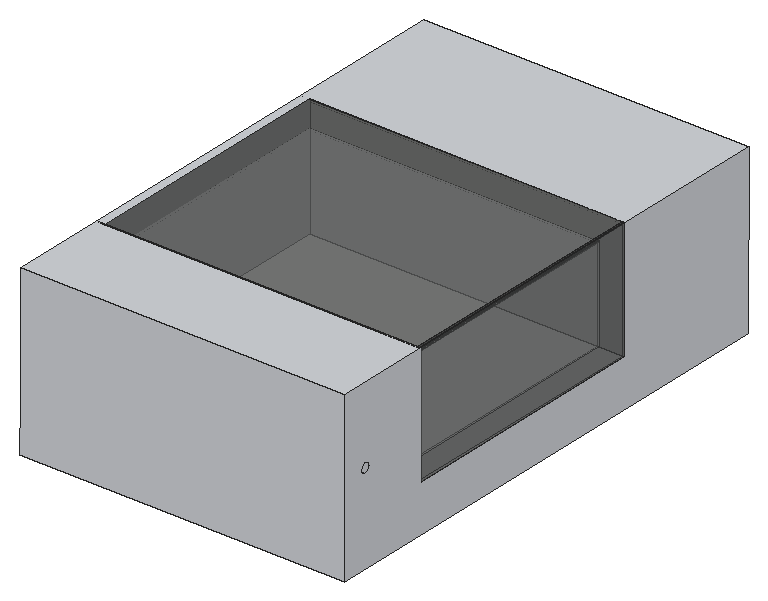
Revit family "Fireplace_Gas_DaVinci_Linear-CornerR", category Mechanical Equipment, host Face, Revit 2026
Family settings
  Host = Face
  Round Connector Dimension = Use Diameter
  Part Type = Normal
  Classification Number = 23.40.20.34.14
  Cut with Voids When Loaded = Yes
  Maintain Annotation Orientation = No
  Shared = No
  Room Calculation Point = No
Parameters
  Warranty Duration (Years) = 0
  Unit Length = 3' - 2"
  Unit Height = 4' - 11 3/16"
  Unit Depth = 1' - 7 5/8"
  URL = "http://www.davincifireplace.com/"
  Test Data = ""
  Standards Conformance = "as Specified"
  Specification = "http://www.arcat.com/sdspecs/htm04/10_31_00.10tra.htm"
  SpecWizard = "http://www.arcat.com/specwizard/10307tra/index04.htm"
  Send Message = ""
  Sales Information = "http://www.davincifireplace.com/ContactUs.aspx"
  Revision = "R1_2017-04"
  Recess Into Host [instance] = 0' - 0 1/4"
  Product Properties = "http://www.davincifireplace.com/products.aspx"
  Product Data = "http://www.arcat.com/arcatcos/cos49/arc49714.html"
  Pressure Ranges [instance] = "5.5 - 7wc for NG  ;  11 - 13wc for LP"  # constant formula
  Opening Length = 3' - 0"
  Opening Height from Base of Unit = 0' - 11 1/8"
  Opening Height = 2' - 6"
  Mounting Height [instance] = 3' - 0"
  Model = "As Specified"
  Media Material [instance] = Media - DaVinci - as Specified
  Manufacturer Website = "http://www.davincifireplace.com/"
  Manufacturer Phone - Toll Free = "800-654-1177"
  Manufacturer Phone = "425-609-2500"
  Manufacturer Fax = "425-609-2781"
  Manufacturer Address = "12521 Harbour Reach Dr.  Mukilteo, WA 98275"
  Manufacturer = "DaVinci Custom Fireplaces , Travis Industries Division"
  Maintenance Schedule (Months) = 0
  Locate Gas Connection from Front [instance] = 0' - 9"
  Locate Gas Connection Vertical [instance] = 0' - 3"
  Locate Exhaust = 1' - 7"
  Locate Air Inlet D = 0' - 7 1/4"
  Locate Air Inlet C = 1' - 1 3/4"
  Locate Air Inlet B = 0' - 7.32846"
  Locate Air Inlet A = 0' - 4.92154"
  Keynote = "10 31 00"
  Interior Finish [instance] = Finish - DaVinci - Black Porcelain
  Installation-Fabrication = ""
  Installation Phase = ""
  Inlet Volume [instance] = 0 CFM
  HVAC_Outlet Volume [instance] = 0 CFM
  HVAC_Exit Temperature [instance] = 0 °F
  HVAC_Exit Diameter [instance] = 6"
  HVAC_Entry Diameter [instance] = 4"
  HVAC_BTU Input = 14500.0 Btu/h * (BTU Input per Foot)  # 43500.0 Btu/h
  Green Building-LEED = ""
  Glazing Tint [instance] = Glass - DaVinci - Clear
  Glazing Edge Color [instance] = Finish - DaVinci - Black Paint
  Gas Connection Inlet Diameter [instance] = 1/2"
  Fuel Type [instance] = "as Specified"
  Extend Void Opening to Side [instance] = 0' - 6"
  Expected Lifespan (Years) = 0
  Electrical_Voltage = 120 V
  Electrical_Amperage = 7 A
  Drawn By = "Sumex Design, Inc. / Robert S. Weygant, CSI, CDT, SCIP"
  Description = ""
  Default Elevation = 0' - 0"  # constant formula
  Copyright = "©Arcat Inc."
  Construction Details = "http://www.arcat.com/details/davinfp/davinfp.html?coid=49714"
  Building Codes = ""
  BTU Input per Foot = Opening Length / 1' 0"  # 3
  BTU Input Notes = "BTU Input per linear foot of the Fireplace Length"  # constant formula
  Available Options [instance] = "as Specified"
  Assembly Code = "E1090900"
Reference planes (in)
  plane 1 "Center (Front/Back)": y = 9.75604
  plane 2: z = 0
  plane 3 "Center (Left/Right)": x = 0
  plane 4: y = 39.34979
  plane 5: y = -19.83771
  plane 6: x = -19
  plane 7: x = 19
  plane 8 "Front": z = -0.25
  plane 9 "Rear": z = -19.875
  plane 10: y = -8.71271
  plane 11: y = 21.28729
  plane 12 "FF": y = -44.71271
  plane 13: x = 14.25
  plane 14: x = 7
  plane 15: x = -6.75
  plane 16: x = -14.07846
  plane 17: z = -14.375
  plane 18: x = -18
Forms (in)
  Extrusion 1, solid
    sketch origin (-15.17702, -180, -19.875) x (-1, 0, 0) y (0, -1, 0)
      loop
        line (3.82298, -219.34979) -> (3.82298, -160.16229) -> (-34.17702, -160.16229) -> (-34.17702, -171.28729) -> (2.82298, -171.28729) -> (2.82298, -201.28729) -> (-34.17702, -201.28729) -> (-34.17702, -219.34979) -> (3.82298, -219.34979)
    from 0 to 19.625
  Extrusion 2, solid
    sketch origin (-15.17702, -180, -19.875) x (-1, 0, 0) y (0, -1, 0)
      loop
        line (3.82298, -219.34979) -> (3.82298, -160.16229) -> (-34.17702, -160.16229) -> (-34.17702, -219.34979) -> (3.82298, -219.34979)
    from 0 to 5.5
  Extrusion 3, void
    sketch origin (-15.17702, -180, -19.875) x (0, -1, 0) y (-1, 0, 0)
      loop
        line (-219.34979, 3.82298) -> (-219.34979, -34.17702) -> (-160.16229, -34.17702) -> (-160.16229, 3.82298) -> (-219.34979, 3.82298)
    from 0 to -19.625
  Extrusion 4, void
    sketch origin (-15.17702, -180, -0.25) x (0, -1, 0) y (-1, 0, 0)
      loop
        line (-171.25604, 2.85423) -> (-201.31854, 2.85423) -> (-201.31854, -40.17702) -> (-171.25604, -40.17702) -> (-171.25604, 2.85423)
    from 14.17605 to -12
  Extrusion 5, solid, material "Glass - DaVinci - Clear" <- "Glazing Tint"
    sketch origin (-15.17702, -180, -0.25) x (-1, 0, 0) y (0, -1, 0)
      loop
        line (3.57298, -201.28729) -> (3.57298, -171.28729) -> (-33.92702, -171.28729) -> (-33.92702, -201.28729) -> (3.57298, -201.28729)
    from 0 to -0.25
  Extrusion 6, solid, material "Glass - DaVinci - Clear" <- "Glazing Tint"
    sketch origin (-15.17702, -180, -0.25) x (-1, 0, 0) y (0, -1, 0)
      loop
        line (2.82298, -201.28729) -> (2.82298, -171.28729) -> (-30.92702, -171.28729) -> (-30.92702, -201.28729) -> (2.82298, -201.28729)
    from -3.25 to -3
  Extrusion 7, solid, material "Media - DaVinci - as Specified" <- "Media Material"
    sketch origin (-15.17702, -180, -0.25) x (-1, 0, 0) y (0, -1, 0)
      loop
        line (2.82298, -171.28729) -> (-33.92702, -171.28729) -> (-33.92702, -171.66229) -> (2.82298, -171.66229) -> (2.82298, -171.28729)
    from -0.25 to -14.125
  Extrusion 8, solid
    sketch origin (-11.83813, 39.34979, 48) x (-1, 0, 0) y (0, 0, 1)
      loop
        circle (-11.83813, -58.0625) r 3
    from 0 to 2.5
  Extrusion 9, solid
    sketch origin (-11.83813, 39.34979, 48) x (-1, 0, 0) y (0, 0, 1)
      loop
        circle (-26.08813, -58.0625) r 2
    from 0 to 2.5
  Extrusion 10, solid
    sketch origin (-11.83813, 39.34979, 48) x (-1, 0, 0) y (0, 0, 1)
      loop
        circle (-18.83813, -58.0625) r 2
    from 0 to 2.5
  Extrusion 11, solid
    sketch origin (-11.83813, 39.34979, 48) x (-1, 0, 0) y (0, 0, 1)
      loop
        circle (-5.08813, -58.0625) r 2
    from 0 to 2.5
  Extrusion 12, solid
    sketch origin (-11.83813, 39.34979, 48) x (-1, 0, 0) y (0, 0, 1)
      loop
        circle (2.24033, -58.0625) r 2
    from 0 to 2.5
  Extrusion 13, solid
    sketch origin (19, 19.13326, 48) x (0, 1, 0) y (0, 0, 1)
      loop
        circle (-35.97098, -57.25) r 0.5
    from 0 to -0.89054
  Extrusion 14, solid, material "Glass - DaVinci - Clear" <- "Glazing Tint"
    sketch origin (-15.17702, -180, -0.25) x (-1, 0, 0) y (0, -1, 0)
      loop
        line (-30.92702, -201.28729) -> (-30.92702, -171.28729) -> (-31.17702, -171.28729) -> (-31.17702, -201.28729) -> (-30.92702, -201.28729)
    from -14.125 to -3
  Extrusion 15, solid, material "Glass - DaVinci - Clear" <- "Glazing Tint"
    sketch origin (-15.17702, -180, -0.25) x (-1, 0, 0) y (0, -1, 0)
      loop
        line (-33.92702, -201.28729) -> (-33.92702, -171.28729) -> (-34.17702, -171.28729) -> (-34.17702, -201.28729) -> (-33.92702, -201.28729)
    from 0 to -14.125
  Extrusion 16, void
    sketch origin (-15.17702, -180, -0.25) x (0, -1, 0) y (-1, 0, 0)
      loop
        line (-171.25604, 2.85423) -> (-201.31854, 2.85423) -> (-201.31854, -40.17702) -> (-171.25604, -40.17702) -> (-171.25604, 2.85423)
    from 14.17605 to -12
Cuts and joins
  joined: Extrusion 1, Extrusion 2
Dimensions and locks (in)
  equal spacing: plane 4, plane 1 "Center (Front/Back)", plane 5
  "Unit Height": plane 4 to plane 5
  equal spacing: plane 6, plane 3 "Center (Left/Right)", plane 7
  "Unit Length": plane 6 to plane 7
  "Recess Into Host": level to plane 8 "Front"
  "Unit Depth": plane 8 "Front" to plane 9 "Rear"
  "Opening Height from Base of Unit": plane 10 to plane 5
  "Opening Height": plane 11 to plane 10
  locked: Extrusion 4 sketch curve to plane 11 at 0.03125
  locked: plane 10 to Extrusion 4 sketch curve at 0.03125
  "Mounting Height": plane 10 to plane 12 "FF"
  locked: Extrusion 7 sketch curve to plane 10 at 0.375
  equal spacing: plane 8 "Front", Extrusion 8 sketch curve, plane 9 "Rear"
  "Locate Exhaust": Extrusion 8 sketch curve to plane 6
  equal spacing: plane 8 "Front", Extrusion 9 sketch curve, plane 9 "Rear"
  locked: plane 13 to Extrusion 9 sketch curve at 0
  locked: Extrusion 10 sketch curve to plane 14 at 0
  equal spacing: plane 8 "Front", Extrusion 10 sketch curve, plane 9 "Rear"
  locked: Extrusion 11 sketch curve to plane 15 at 0
  equal spacing: plane 8 "Front", Extrusion 11 sketch curve, plane 9 "Rear"
  locked: Extrusion 12 sketch curve to plane 16 at 0
  equal spacing: plane 8 "Front", Extrusion 12 sketch curve, plane 9 "Rear"
  "Locate Gas Connection Vertical": plane 5 to Extrusion 13 sketch curve
  "Locate Gas Connection from Front": plane 8 "Front" to Extrusion 13 sketch curve
  locked: plane 6 to Extrusion 5 sketch curve at 0.25
  locked: Extrusion 16 sketch curve to plane 11 at 0.03125
  locked: plane 10 to Extrusion 16 sketch curve at 0.03125
  locked: plane 17 to plane 9 "Rear" at 5.5
  "Locate Air Inlet A": plane 16 to plane 6
  "Locate Air Inlet B": plane 16 to plane 15
  "Locate Air Inlet C": plane 15 to plane 14
  "Locate Air Inlet D": plane 14 to plane 13
  locked: plane 6 to plane 18 at 1
  Extrusion 15 sketch curve to Extrusion 15 sketch curve to plane 7 = 0' - 0 1/4" locked, 0' - 0" locked
  Extrusion 14 sketch curve to Extrusion 14 sketch curve to plane 7 = 0' - 0 1/4" locked, 0' - 3" locked
  locked: Extrusion 6 sketch curve to plane 7 at 3.25
  "Extend Void Opening to Side": plane 7 to Extrusion 16 sketch curve
  locked: Extrusion 16 sketch curve to plane 18 at 0.03125
  "Extend Void Opening to Side": plane 7 to Extrusion 4 sketch curve
  locked: Extrusion 4 sketch curve to plane 18 at 0.03125
  locked: Extrusion 5 sketch curve to plane 7 at 0.25
  locked: Extrusion 7 sketch curve to plane 7 at 0.25
  aligned and locked: plane 2 to host face
  aligned and locked: level to host face
  aligned and locked: Extrusion 1 sketch curve to plane 4
  aligned and locked: plane 5 to Extrusion 1 sketch curve
  aligned and locked: Extrusion 1 sketch curve to plane 7  (x2)
  aligned and locked: Extrusion 1 sketch curve to plane 11
  aligned and locked: Extrusion 1 sketch curve to plane 10
  aligned and locked: Extrusion 1 to plane 9 "Rear"
  aligned and locked: plane 8 "Front" to Extrusion 1
  aligned and locked: Extrusion 2 sketch curve to Extrusion 1  (x3)
  aligned and locked: Extrusion 3 sketch curve to cut or joined group of Extrusion 1, Extrusion 2  (x3)
  aligned and locked: plane 8 "Front" to Extrusion 3
  aligned and locked: Extrusion 5 sketch curve to plane 11
  aligned and locked: Extrusion 5 sketch curve to plane 10
  aligned and locked: Extrusion 6 sketch curve to plane 11
  aligned and locked: plane 10 to Extrusion 6 sketch curve
  aligned and locked: Extrusion 7 sketch curve to plane 10
  aligned and locked: Extrusion 1 sketch curve to plane 6
  aligned and locked: Extrusion 14 sketch curve to plane 11
  aligned and locked: plane 10 to Extrusion 14 sketch curve
  aligned and locked: plane 11 to Extrusion 15 sketch curve
  aligned and locked: Extrusion 15 sketch curve to plane 10
  aligned and locked: plane 17 to Extrusion 2
  aligned and locked: Extrusion 14 to plane 17
  aligned and locked: Extrusion 15 to plane 17
  aligned and locked: Extrusion 7 to plane 17
  aligned and locked: Extrusion 1 sketch curve to plane 18
  aligned and locked: plane 18 to Extrusion 6 sketch curve
  aligned and locked: Extrusion 7 sketch curve to plane 18
Automatic sketch dimensions
  host sketch curve to host sketch curve = 7' - 5.10766"
  host sketch curve to host sketch curve = 8' - 0"
  Extrusion 2 sketch curve to plane 6 = 0' - 0"
  Extrusion 3 sketch curve to plane 6 = 0' - 0"
  radius of Extrusion 9 sketch curve = 0' - 2"
  radius of Extrusion 10 sketch curve = 0' - 2"
  radius of Extrusion 11 sketch curve = 0' - 2"
  radius of Extrusion 12 sketch curve = 0' - 2"
  radius of Extrusion 8 sketch curve = 0' - 3"
  radius of Extrusion 13 sketch curve = 0' - 0 1/2"
Connectors (in)
  hvac at (0, 41.84979, -10.0625), driven by "HVAC_Outlet Volume", driven by "HVAC_Exit Diameter"
    settings: on Extrusion 8, index 2, duct flow 0 CFM, flow factor 0, pres drop 0.00 in-wg, loss coef 0, conn angle 0.00°, conn width 12", conn height 12", conn diameter 6", duct sys type 3, conn prof type 0, flow config 0, flow direction 2, loss method 0, conn ref index -1, conn util no, is conn primary yes, conn desc ""
  hvac at (14.25, 41.84979, -10.0625), driven by "Inlet Volume", driven by "HVAC_Entry Diameter"
    settings: on Extrusion 9, index 3, duct flow 0 CFM, flow factor 0, pres drop 0.00 in-wg, loss coef 0, conn angle 0.00°, conn width 12", conn height 12", conn diameter 4", duct sys type 4, conn prof type 0, flow config 0, flow direction 1, loss method 0, conn ref index -1, conn util no, is conn primary no, conn desc ""
  hvac at (7, 41.84979, -10.0625), driven by "Inlet Volume", driven by "HVAC_Entry Diameter"
    settings: on Extrusion 10, index 4, duct flow 0 CFM, flow factor 0, pres drop 0.00 in-wg, loss coef 0, conn angle 0.00°, conn width 12", conn height 12", conn diameter 4", duct sys type 4, conn prof type 0, flow config 0, flow direction 1, loss method 0, conn ref index -1, conn util no, is conn primary no, conn desc ""
  hvac at (-6.75, 41.84979, -10.0625), driven by "Inlet Volume", driven by "HVAC_Entry Diameter"
    settings: on Extrusion 11, index 5, duct flow 0 CFM, flow factor 0, pres drop 0.00 in-wg, loss coef 0, conn angle 0.00°, conn width 12", conn height 12", conn diameter 4", duct sys type 4, conn prof type 0, flow config 0, flow direction 1, loss method 0, conn ref index -1, conn util no, is conn primary no, conn desc ""
  hvac at (-14.07846, 41.84979, -10.0625), driven by "Inlet Volume", driven by "HVAC_Entry Diameter"
    settings: on Extrusion 12, index 6, duct flow 0 CFM, flow factor 0, pres drop 0.00 in-wg, loss coef 0, conn angle 0.00°, conn width 12", conn height 12", conn diameter 4", duct sys type 4, conn prof type 0, flow config 0, flow direction 1, loss method 0, conn ref index -1, conn util no, is conn primary no, conn desc ""
  piping at (19, -16.83771, -9.25), diameter 0.5, driven by "Gas Connection Inlet Diameter"
    settings: on Extrusion 13, index 7, connector inside diameter 24", connector length 0' - 0", flow factor 0, pipe flow 0 GPM, pressure drop 0.00 psi, fitting loss kfactor 0, connector angle 0.00°, fixture units 0, engagement length 0' - 0", angle of deflection 0.00°, flow configuration 0, flow direction 1, fitting loss method 0, system type 29, joint type 0, gender type 0, connector reference index -1, connector utility 0, adjustable connector no, is connector primary yes, connector description ""
  electrical at (19, 8.02166, -8.6875), driven by "Electrical_Voltage"
    settings: on cut or joined group of Extrusion 1, Extrusion 2, index 8, voltage 120 V, apparent load 0 VA, apparent load phase1 0 VA, apparent load phase2 0 VA, apparent load phase3 0 VA, power factor 1, load classification "Power", number of poles 1, system type 31, power factor state 1, is connector primary yes, connector utility no, sub classification motor no, connector description ""
